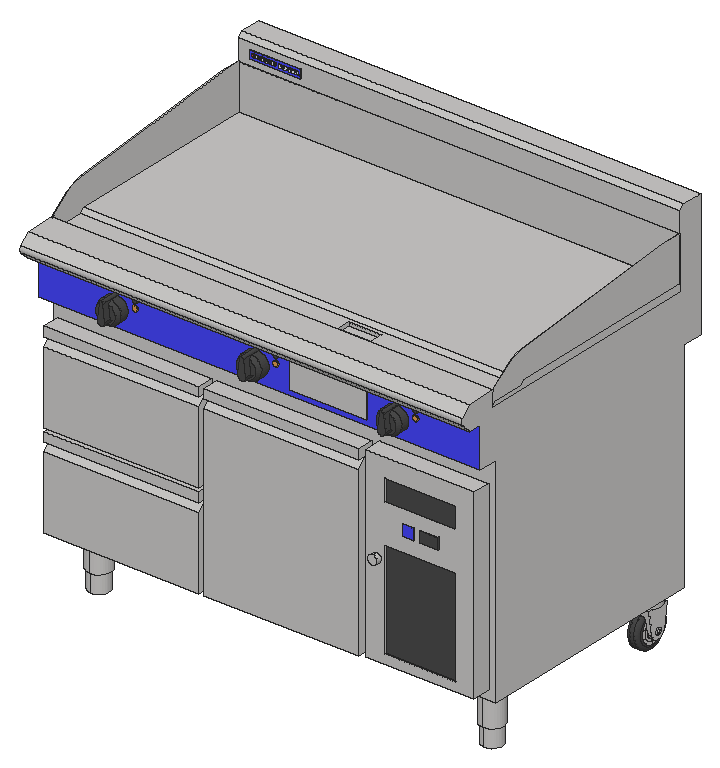
Revit family "QF_MOFFAT_BLUESEAL_AU_EP518-RB", category Specialty Equipment, Revit 2012 (continued)
Definition of nested family "ELECTRIC GRIDDLE PLATE"
  Dimensions and locks
    plane 3 "LEFT" to plane 4 "RIGHT" = 1200.0 mm
    equal spacing: plane 5 "FRONT", plane 8 "Center X", plane 1 "BACK"
    plane 5 "FRONT" to plane 1 "BACK" = 635.0 mm
    aligned and locked: level to plane 2
    aligned and locked: cut or joined group of Extrusion 3, Extrusion 4 to plane 4 "RIGHT"
    aligned and locked: Extrusion 5 to plane 4 "RIGHT"
  Automatic sketch dimensions
    plane 3 "LEFT" to curve 9 = 0.0 mm
    plane 7 "Center Y" to curve 4 = 142.75 mm
    plane 7 "Center Y" to curve 5 = 231.25 mm
    curve 3 to plane 5 "FRONT" = 44.403 mm
    curve 3 to curve 3 = 38.5 mm
    curve 2 to plane 5 "FRONT" = 93.503 mm
    curve 2 to curve 1 = 10.5 mm
    plane 1 "BACK" to curve 8 = 0.0 mm
    Extrusion 1 sketch curve to plane 5 "FRONT" = 0.0 mm
    Extrusion 1 sketch curve to plane 6 "TOP" = 0.0 mm
    Extrusion 1 sketch curve to plane 5 "FRONT" = 52.097 mm
    Extrusion 1 sketch curve to plane 6 "TOP" = 45.977 mm
    Extrusion 1 sketch curve to Extrusion 1 sketch curve = 47.773 mm
    Extrusion 1 sketch curve to level = 3.016 mm
    Extrusion 1 sketch curve to Extrusion 1 sketch curve = 9.585 mm
    plane 1 "BACK" to Extrusion 1 sketch curve = 57.045 mm
    Extrusion 1 sketch curve to plane 1 "BACK" = 0.003 mm
    level to Extrusion 1 sketch curve = 0.5 mm
    Extrusion 1 sketch curve to Extrusion 1 sketch curve = 41.5 mm
    Extrusion 3 sketch curve to plane 5 "FRONT" = 0.6 mm
    level to Extrusion 3 sketch curve = 10.0 mm
    Extrusion 3 sketch curve to Extrusion 3 sketch curve = 92.903 mm
    Extrusion 3 sketch curve to Extrusion 3 sketch curve = 10.5 mm  (x2)
    Extrusion 3 sketch curve to plane 1 "BACK" = 0.003 mm
    level to Extrusion 3 sketch curve = 0.5 mm
    Extrusion 3 to Extrusion 4 sketch curve = 10.6 mm
    Extrusion 4 sketch curve to Extrusion 4 sketch curve = 38.5 mm
    Extrusion 3 to Extrusion 4 sketch curve = 457.25 mm
    Extrusion 4 sketch curve to Extrusion 4 sketch curve = 88.5 mm
    Extrusion 5 sketch curve to plane 6 "TOP" = 0.0 mm
    level to Extrusion 5 sketch curve = 20.5 mm
    plane 3 "LEFT" to Extrusion 5 sketch curve = 1.8 mm
    plane 7 "Center Y" to Extrusion 5 sketch curve = 600.0 mm
    plane 5 "FRONT" to curve 9 = 0.0 mm
    Extrusion 2 sketch curve to plane 6 "TOP" = 0.0 mm
    Extrusion 2 sketch curve to plane 5 "FRONT" = 0.0 mm
    Extrusion 2 sketch curve to plane 5 "FRONT" = 52.097 mm
    Extrusion 2 sketch curve to Extrusion 2 sketch curve = 47.773 mm
    Extrusion 2 sketch curve to level = 3.016 mm
    Extrusion 2 sketch curve to Extrusion 2 sketch curve = 57.358 mm
    plane 1 "BACK" to Extrusion 2 sketch curve = 57.045 mm
    Extrusion 2 sketch curve to plane 1 "BACK" = 0.003 mm
    level to Extrusion 2 sketch curve = 0.5 mm
    Extrusion 2 sketch curve to Extrusion 2 sketch curve = 41.5 mm
    Extrusion 2 sketch curve to plane 6 "TOP" = 63.601 mm
    curve 10 to plane 4 "RIGHT" = 0.0 mm
Definition of nested family "ELECTRICAL CONNECTION 2"
  Parameters (values of type "ELECTRICAL CONNECTION 2")
    Weight in Pounds = 0
    Watts = if(Phase = 3, Volts * FL Amps * 1.73, Volts * FL Amps)  # 414 W
    Volts = 230 V
    URL Cutsheet = ""
    Type Mark [instance] = ""
    Status [instance] = ""
    Specification by User [instance] = ""
    Specification by Manufacturer = ""
    Serial Number = ""
    Seismic Rating = ""
    SMACNA No = ""
    Revision Code [instance] = ""
    Phase = 1
    Omniclass Number and Title = ""
    Number of Poles [instance] = 1
    NAFEM Spec ID Number = ""
    Min Ckt Ampacity = 0 A
    Max Overcurrent Protection = 0 A
    Masterspec = ""
    Item Number [instance] = ""
    Installed By [instance] = ""
    Identify Quantity as Lot [instance] = yes
    HP = ""
    Furnished By [instance] = ""
    Foodservice Equipment Identifier [instance] = yes
    FL Amps = 1.8 A
    Electrical Remarks [instance] = ""
    Electric Connection Type [instance] = ""
    Elec Conn RI Height [instance] = 0.0 mm
    Elec Conn Connection Height [instance] = 0.0 mm
    Cycle = 50 Hz
    Conn Plug = ""
    Conn Conduit = yes
    CSI MasterFormat = ""
    CSI Master Format = ""
    Apparent Power = if(Phase = 3, Volts * FL Amps * 1.73, Volts * FL Amps)  # 414 VA
  Reference planes
    plane 1 "BACK": y = 0
    plane 2: z = 0
    plane 3 "LEFT": x = 0
    plane 4 "RIGHT": x = 25.4
    plane 5 "FRONT": y = -25.4
    plane 6 "TOP": z = 25.4
    plane 7 "Center Y": x = 12.7
    plane 8 "Center X": y = -12.7
  Forms (mm)
    Extrusion 1, solid, material "QF_Finishes_Stainless Steel"
      sketch origin (0, 0, 0) x (1, 0, 0) y (0, 1, 0)
        loop
          line (0, 0) -> (0, -25.4) -> (25.4, -25.4) -> (25.4, 0) -> (0, 0)
      from 0 to 25.4
  Dimensions and locks
    equal spacing: plane 3 "LEFT", plane 7 "Center Y", plane 4 "RIGHT"
    plane 3 "LEFT" to plane 4 "RIGHT" = 25.4 mm
    equal spacing: plane 5 "FRONT", plane 8 "Center X", plane 1 "BACK"
    plane 5 "FRONT" to plane 1 "BACK" = 25.4 mm
    aligned and locked: level to plane 2
  Automatic sketch dimensions
    Extrusion 1 sketch curve to plane 3 "LEFT" = 0.0 mm
    Extrusion 1 sketch curve to plane 4 "RIGHT" = 0.0 mm
    plane 5 "FRONT" to Extrusion 1 sketch curve = 0.0 mm
    plane 1 "BACK" to Extrusion 1 sketch curve = 0.0 mm
